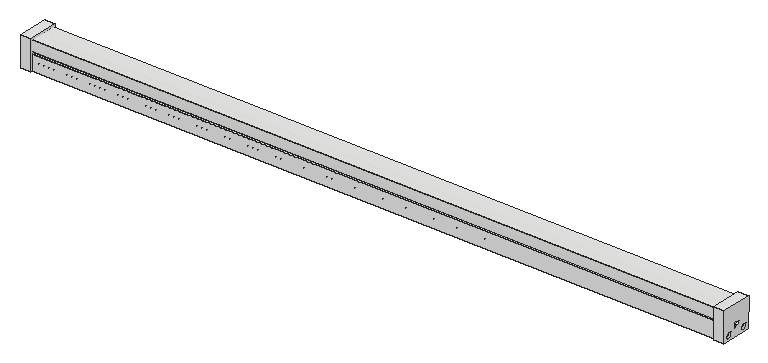
Revit family "S2222 updated 4", category Lighting Fixtures, host Face, Revit 2020
Family settings
  Host = Face
  Round Connector Dimension = Use Diameter
  Part Type = Normal
  Cut with Voids When Loaded = No
  Light Source = No
  Shared = Yes
  Room Calculation Point = No
Parameters (values of type "209 lm per FT 3.0W per FT - D2")
  Wattage Comments = "3.0W/FT"
  Warranty URL = "https://bllighting.com/terms-and-conditions/"
  Voltage = 24 V
  Version = "2020-v2.9"  # constant formula
  URL = "https://bllighting.com/"
  Support Phone = ""
  Support Email = ""
  Rdwn [instance] = rounddown(L1 / Increment)  # 10
  Profile Material = Alumnium Base Track
  Product Page URL = "https://bllighting.com/products/profile/s2222"
  Product Name = Model  # "D2"
  Product Documentation Link = "https://bllighting.com/wp-content/uploads/S2222-Specification.pdf"
  Power Source Type = "Driver"  # constant formula
  Power Factor = 1
  Phase = 1
  Operating Temperature = "Consult Manufacturer Website for more Information"  # constant formula
  Number of Poles = if(and(or(Voltage = 120 V, Voltage = 277 V), Phase = 1), 1, if(and(or(Voltage = 208 V, Voltage = 240 V), Phase = 1), 2, if(and(or(Voltage = 208 V, Voltage = 240 V), Phase = 3), 3, if(and(Voltage > 300 V, Phase = 1), 2, if(and(Voltage > 400 V, Phase = 3), 3, 1)))))  # 1
  Number of LED's = "36 Diodes/FT"
  No Of Source [instance] = rounddown(Actual Light Length / Increment)  # 10
  Mounting Method = "Surface Mount"  # constant formula
  Model = "D2"
  Max Input Current = "5A"
  Manufacturer Phone Number = "1-604-874-4405"  # constant formula
  Manufacturer Email = "info@bllighting.com"
  Manufacturer Address = "111 - 8838 Heatner St. Vancouver. BC, Canada. V6P 3S8"  # constant formula
  Manufacturer = "BL Lighting"  # constant formula
  Lumen Output = "209 lm/FT"
  Load Classification = Lighting
  Light Length [instance] = 19.6850"
  Lens Material = Polycarbonate Optic
  Lead 2 End Cap [instance] = 1 = 1  # yes
  Lead 1 End Cap [instance] = 1 = 1  # yes
  Lamp Life = "50,000 Hours"
  Lamp = "LED,SMD 3528"
  LED tape Documentation Link = "https://bllighting.com/wp-content/uploads/D2-Specification.pdf"
  LED strip = Strip
  LED finish = LED
  LED Tape Page URL = "https://bllighting.com/products/led-tape/d2"
  L1 [instance] = if(Light Length < Increment, Increment, Light Length)  # 19.6850"
  Input Voltage = "24VDC"
  Initial Intensity Comments = "Refer LED Strip type for Lumen Value"  # constant formula
  Initial Color Comments = "Perfomance based on 3000K Photometric Web File"
  Increment = 1.9685"
  Housing Protection Rating = "Consult Manufacturer Website for more Information"  # constant formula
  Has Dimming = 1 = 1  # yes
  Has Battery Backup = 0 = 1  # no
  Frequency Comments = ""
  Frequency = 60 Hz
  Environment = "Indoor"  # constant formula
  Description = "Flexible, Linear LED Lighting"  # constant formula
  Default Elevation = 48.0000"
  DFD3 Watt [instance] = (4.4 W * Actual Light Length) / 12.0000"  # 7.21783 W
  DFD3 Lumens [instance] = 98 lm/W * DFD3 Watt  # 707.348 lm
  DFD3 = no
  D8 Watt [instance] = (8 W * Actual Light Length) / 12.0000"  # 13.1233 W
  D8 Lumens [instance] = 96 lm/W * D8 Watt  # 1259.84 lm
  D8 = no
  D3 Watt [instance] = (5.5 W * Actual Light Length) / 12.0000"  # 9.02229 W
  D3 Lumens [instance] = 67 lm/W * D3 Watt  # 604.494 lm
  D3 = no
  D2 Watt [instance] = (3 W * Actual Light Length) / 12.0000"  # 4.92125 W
  D2 Lumens [instance] = 70 lm/W * D2 Watt  # 344.488 lm
  D2 = yes
  Current Amps = 50 A
  Copyright = "©BL INNOVATIVE LIGHTING"  # constant formula
  Color Option Available = "2400K,2700K,3000K,3500K,4000K,5500K,RED,GREEN,BLUE,AMBER"
  built-in parameter 1114216 [instance] = 0  # (empty or 0)
  built-in parameter 1140040 [instance] = 1 = 1  # 1
  CCT = "2400K,2700K,3000K,3500K,4000K,5500K,RED,GREEN,BLUE,AMBER"
  Apparent Load = 120 VA
  Actual No Of Source [instance] = if(No Of Source < 2, 2, No Of Source)  # 10
  Actual Light Length [instance] = Rdwn * Increment  # 19.6850"
Reference planes (in)
  plane 1 "Center (Front/Back)": y = 0
  plane 2: z = 0
  plane 3 "Center (Left/Right)": x = 0
  plane 4: x = 19.685
  plane 5: x = 1.9685
  plane 6: y = 0.335
  plane 7: y = -0.335
  plane 8: x = 9.8425
  plane 9: x = 22.6499
  plane 10: x = -2.9649
  plane 11: z = 0.07812
  plane 12: z = 0.88005
  plane 13: x = 8.8625
  plane 14: x = 10.8225
  plane 15: z = 0.30393
Forms (in)
  Sweep 1, solid, material "Alumnium Base Track" <- "Profile Material"
    path origin (0, -18.35094, 0.40687) x (1, 0, 0) y (0, 1, 0)
      loop
        line (0, 18.35094) -> (19.685, 18.35094)
    profile origin (9.8425, 0, 0.40687) x (0, 1, 0) y (0, 0, 1)
      loop
        line (0.335, 0.06805) -> (0.335, -0.10294) -> (0, -0.10294) -> (-0.335, -0.10294) -> (-0.335, 0.06805) -> (-0.36346, 0.09651) -> (-0.335, 0.12496) -> (-0.38666, 0.12496) -> (-0.38666, -0.32874) -> (-0.335, -0.32874) -> (-0.29261, -0.23783)
        arc (-0.29261, -0.23783) -> (-0.27933, -0.17793) -> (-0.26605, -0.23783) r 0.03142
        line (-0.26605, -0.23783) -> (-0.22366, -0.32874) -> (-0.1316, -0.32874) -> (-0.1316, -0.27201) -> (-0.19528, -0.27201) -> (-0.19528, -0.15554) -> (0, -0.15554) -> (0.19528, -0.15554) -> (0.19528, -0.27201) -> (0.1316, -0.27201) -> (0.1316, -0.32874) -> (0.22366, -0.32874) -> (0.26605, -0.23783)
        arc (0.26605, -0.23783) -> (0.27933, -0.17793) -> (0.29261, -0.23783) r 0.03142
        line (0.29261, -0.23783) -> (0.335, -0.32874) -> (0.38666, -0.32874) -> (0.38666, 0.12496) -> (0.335, 0.12496) -> (0.36346, 0.09651) -> (0.335, 0.06805)
  Sweep 2, solid, material "Polycarbonate Optic" <- "Lens Material"
    path origin (0, -18.35094, 0.80588) x (1, 0, 0) y (0, 1, 0)
      loop
        line (0, 18.35094) -> (19.685, 18.35094)
    profile origin (9.8425, 0, 0.80588) x (0, 1, 0) y (0, 0, 1)
      loop
        line (0, 0.07417) -> (-0.38939, 0.07417) -> (-0.38939, -0.23752) -> (-0.335, -0.27405) -> (-0.36346, -0.30251) -> (-0.335, -0.33097) -> (-0.30385, -0.33097) -> (-0.30385, -0.24882) -> (-0.335, -0.22789) -> (-0.335, 0.02211) -> (0, 0.02211) -> (0.335, 0.02211) -> (0.335, -0.22789) -> (0.30385, -0.24882) -> (0.30385, -0.33097) -> (0.335, -0.33097) -> (0.36346, -0.30251) -> (0.335, -0.27405) -> (0.38939, -0.23752) -> (0.38939, 0.07417) -> (0, 0.07417)
  Extrusion 3, solid, material "Alumnium Base Track" <- "Profile Material"
    sketch origin (0, 0, 0) x (0, 1, 0) y (0, 0, 1)
      loop
        line (0.23015, 0.03474) -> (0.00486, 0.03474) -> (-0.23015, 0.03474) -> (-0.26209, 0.10325) -> (-0.26209, 0.15714) -> (-0.29418, 0.15714) -> (-0.29418, 0.10325) -> (-0.24604, 0) -> (0.01058, 0) -> (0.24604, 0) -> (0.29418, 0.10325) -> (0.29418, 0.15714) -> (0.26209, 0.15714) -> (0.26209, 0.10325) -> (0.23015, 0.03474)
    from 8.8625 to 10.8225
  Extrusion 4, void
    sketch origin (0, 0, 0) x (1, 0, 0) y (0, 1, 0)
      loop
        circle (9.8425, -0.00312) r 0.10392
    from 0 to 0.07812
Cuts and joins
  Extrusion 4 cuts Sweep 1
  Extrusion 4 cuts Sweep 2
  Extrusion 4 cuts Extrusion 3
Dimensions and locks (in)
  "Actual Light Length": plane 3 "Center (Left/Right)" to plane 4
  "Increment": plane 3 "Center (Left/Right)" to plane 5
  equal spacing: plane 6, plane 1 "Center (Front/Back)", plane 7
  plane 6 to plane 7 = 0.6700"
  equal spacing: plane 10, plane 8, plane 9
  locked: plane 11 to plane 2 at 0.07812
  locked: plane 12 to plane 11 at 0.80193
  locked: Extrusion 3 sketch curve to Extrusion 3 sketch curve at 0.03474
  locked: Extrusion 3 sketch curve to Extrusion 3 sketch curve at 0.15714  (x2)
  locked: Extrusion 3 sketch curve to Extrusion 3 sketch curve at 0.58836
  locked: plane 13 to plane 8 at 0.98
  locked: plane 8 to plane 14 at 0.98
  equal spacing: plane 3 "Center (Left/Right)", plane 8, plane 4
  aligned and locked: host face to plane 2
  aligned and locked: host face to level
  aligned and locked: plane 11 to nested 1
  aligned and locked: nested 2 to plane 4
  aligned and locked: plane 3 "Center (Left/Right)" to Sweep 1 sketch curve
  aligned and locked: plane 4 to Sweep 1 sketch curve
  aligned and locked: plane 4 to Sweep 2 sketch curve
  aligned and locked: plane 3 "Center (Left/Right)" to Sweep 2 sketch curve
  aligned and locked: Extrusion 3 sketch curve to plane 2
  aligned and locked: Extrusion 3 to plane 13
  aligned and locked: Extrusion 3 to plane 14
  aligned and locked: plane 3 "Center (Left/Right)" to nested 1
  aligned and locked: plane 3 "Center (Left/Right)" to nested 4
  aligned and locked: nested 4 to plane 1 "Center (Front/Back)"
  aligned and locked: nested 4 to plane 15
  aligned and locked: plane 3 "Center (Left/Right)" to nested 5
  aligned and locked: nested 5 to plane 1 "Center (Front/Back)"
  aligned and locked: plane 3 "Center (Left/Right)" to nested 6
  aligned and locked: nested 6 to plane 1 "Center (Front/Back)"
  aligned and locked: plane 15 to nested 6
  aligned and locked: plane 15 to nested 5
  aligned and locked: plane 1 "Center (Front/Back)" to nested 3
  aligned and locked: plane 1 "Center (Front/Back)" to nested 7
  aligned and locked: plane 1 "Center (Front/Back)" to nested 8
  aligned and locked: nested 9 to plane 3 "Center (Left/Right)"
  aligned and locked: nested 9 to plane 1 "Center (Front/Back)"
  aligned and locked: nested 9 to plane 15
  aligned and locked: plane 1 "Center (Front/Back)" to nested 10
Automatic sketch dimensions
  host sketch curve to host sketch curve = 138.68247"
  host sketch curve to host sketch curve = 96.0000"
  plane 1 "Center (Front/Back)" to Sweep 1 sketch curve = 0.0000"
  Sweep 1 sketch curve to profile plane = 0.0000"  (x2)
  profile plane to Sweep 1 sketch curve = 0.1316"
  Sweep 1 sketch curve to Sweep 1 sketch curve = 0.06367"  (x2)
  Sweep 1 sketch curve to Sweep 1 sketch curve = 0.02838"  (x2)
  Sweep 1 sketch curve to Sweep 1 sketch curve = 0.07077"  (x2)
  Sweep 1 sketch curve to Sweep 1 sketch curve = 0.01328"  (x2)
  Sweep 1 sketch curve to Sweep 1 sketch curve = 0.02656"  (x2)
  Sweep 1 sketch curve to Sweep 1 sketch curve = 0.05567"  (x2)
  Sweep 1 sketch curve to Sweep 1 sketch curve = 0.04239"  (x2)
  Sweep 1 sketch curve to Sweep 1 sketch curve = 0.0000"  (x2)
  profile plane to Sweep 1 sketch curve = 0.09651"  (x2)
  Sweep 1 sketch curve to Sweep 1 sketch curve = 0.02846"  (x3)
  Sweep 1 sketch curve to Sweep 1 sketch curve = 0.05166"
  Sweep 1 sketch curve to profile plane = 0.1316"
  profile plane to Sweep 1 sketch curve = 0.12496"
  Sweep 1 sketch curve to Sweep 1 sketch curve = 0.0232"
  Sweep 1 sketch curve to profile plane = 0.10294"
  Sweep 1 sketch curve to Sweep 1 sketch curve = 0.0526"
  Sweep 1 sketch curve to Sweep 1 sketch curve = 0.05381"  (x2)
  Sweep 1 sketch curve to Sweep 1 sketch curve = 0.02848"  (x2)
  Sweep 1 sketch curve to Sweep 1 sketch curve = 0.03418"  (x2)
  Sweep 1 sketch curve to Sweep 1 sketch curve = 0.09091"  (x2)
  Sweep 1 sketch curve to Sweep 1 sketch curve = 0.05673"  (x2)
  plane 1 "Center (Front/Back)" to Sweep 2 sketch curve = 0.0000"
  Sweep 2 sketch curve to profile plane = 0.0000"  (x2)
  profile plane to Sweep 2 sketch curve = 0.30385"
  Sweep 2 sketch curve to Sweep 2 sketch curve = 0.03115"  (x6)
  Sweep 2 sketch curve to Sweep 2 sketch curve = 0.02846"  (x4)
  Sweep 2 sketch curve to Sweep 2 sketch curve = 0.05439"  (x2)
  Sweep 2 sketch curve to profile plane = 0.30385"
  Sweep 2 sketch curve to profile plane = 0.33097"  (x2)
  Sweep 2 sketch curve to Sweep 2 sketch curve = 0.02524"  (x2)
  Sweep 2 sketch curve to Sweep 2 sketch curve = 0.03654"  (x2)
  Sweep 2 sketch curve to Sweep 2 sketch curve = 0.02092"  (x2)
  profile plane to Sweep 2 sketch curve = 0.02211"
  Sweep 2 sketch curve to Sweep 2 sketch curve = 0.05206"
  Extrusion 3 sketch curve to plane 1 "Center (Front/Back)" = 0.01058"
  Extrusion 3 sketch curve to plane 1 "Center (Front/Back)" = 0.00486"
  Extrusion 3 sketch curve to plane 7 = 0.10485"
  Extrusion 3 sketch curve to Extrusion 3 sketch curve = 0.01589"  (x2)
  Extrusion 3 sketch curve to plane 11 = 0.02512"  (x4)
  Extrusion 3 sketch curve to Extrusion 3 sketch curve = 0.03209"  (x2)
  plane 6 to Extrusion 3 sketch curve = 0.10485"
  plane 6 to Extrusion 3 sketch curve = 0.07291"
  Extrusion 4 sketch curve to plane 8 = 0.0000"
  plane 1 "Center (Front/Back)" to Extrusion 4 sketch curve = 0.00312"
  radius of Extrusion 4 sketch curve = 0.10392"
Nested families (in)
  nested 1: "LEFT END CAP" at (-0.3, 0, 0.07812), Profile Material <- "Profile Material", visible <- "Lead 1 End Cap", type "LEFT END CAP"
    with Profile Material Alumnium Base Track
  nested 2: "RIGHT  END CAP" at (19.985, 0, 0.07812), Profile Material <- "Profile Material", visible <- "Lead 2 End Cap", type "RIGHT  END CAP"
    with Profile Material Alumnium Base Track
  nested 3: "D2 3000K LED Tape" at (1.0302, 0, -53.23438), visible <- "D2", Length <- "Actual Light Length", No of Source <- "No Of Source", Source Size <- "Increment", type "D2 3000K LED Tape"
    with Source Size 1.9685", No of Source 10, Length 19.6850", D2 3000k_1 no, D2 3000K yes, Actual No Of Source 10
  nested 4: "D2_3000K" at (0, -18.35094, 0.36393), visible <- "D2", Light Length <- "Light Length", type "D2"
    with Watt 4.92125 W, Rdwn 10, No of Source 10, Lumens 344.488 lm, Light source Placement 9.8425", Light Length 19.6850", L1 19.6850", Cutting Increment 1.9685", BL flexFORM D2_1 no, BL flexFORM D2 yes, Actual No of Source 10, Actual Light Length 19.6850"
  nested 5: "D3_3000K" at (0, -18.35094, 0.36393), visible <- "D3", Light Length <- "Light Length", type "D3"
    with Watt 7.95763 W, Rdwn 7, No of Source 7, Lumens 533.161 lm, Light source Placement 8.68105", Light Length 19.6850", L1 19.6850", Cutting Increment 2.4803", BL flexFORM D3_1 no, BL flexFORM D3 yes, Actual No Of Source 7, Actual Light Length 17.3621"
  nested 6: "D4_3500K" at (0, -18.35094, 0.35393), visible <- "D8", Light Length <- "Light Length", type "D4"
    with Watt 12.8609 W, Rdwn 7, No of Source 7, Lumens 1234.64 lm, Light source Placement 9.64565", Light Length 19.6850", L1 19.6850", Cutting Increment 2.7559", BL flexFORM D4_1 no, BL flexFORM D4 yes, Actual No Of Source 7, Actual Light Length 19.2913"
  nested 7: "D3 3000K LED Tape" at (0.83698, 0, -53.23438), visible <- "D3", Length <- "Actual Light Length", No of Source <- "No Of Source", Source Size <- "Increment", type "D3 3000K LED Tape"
    with Source Size 1.9685", No of Source 10, Length 19.6850", D3 3000K_1 no, D3 3000K yes, Actual No Of Source 10
  nested 8: "D4 3500K LED Tape" at (0.96875, 0, -53.54688), visible <- "D8", Length <- "Actual Light Length", No of Source <- "No Of Source", Source Size <- "Increment", type "D4 3500K LED Tape"
    with Source Size 1.9685", No of Source 10, Length 19.6850", D4_1 no, D4 yes, Actual No Of Source 10
  nested 9: "DFD3_3000K" at (0, -18.35094, 0.30393), visible <- "DFD3", Light Length <- "Light Length", type "Dot Free D3"
    with Watt 7.21783 W, Rdwn 10, No of Source 10, Lumens 707.348 lm, Light source Placement 9.8425", Light Length 19.6850", L1 19.6850", Cutting Increment 1.9685", BL flexFORM Dot-Free D3_1 no, BL flexFORM Dot-Free D3 yes, Actual No Of Source 10, Actual Light Length 19.6850"
  nested 10: "Dot Free D3 3000K LED Tape" at (1.14, 0, 0.06755), Source Size <- "Increment", No of Source <- "No Of Source", Length <- "Actual Light Length", visible <- "DFD3", type "Dot Free D3 3000K LED Tape"
    with Source Size 1.9685", No of Source 10, Length 19.6850", DFD3_1 no, DFD3 yes, Actual No Of Source 10
Connectors (in)
  electrical at (9.8425, 0.07996, 0.03474), driven by "Load Classification", driven by "Voltage", driven by "Apparent Load", driven by "Number of Poles", driven by "Power Factor"
    settings: on cut or joined group of Extrusion 3, Extrusion 4, index 1, voltage 24 V, apparent load 120 VA, apparent load phase1 0 VA, apparent load phase2 0 VA, apparent load phase3 0 VA, power factor 1, load classification "Lighting", number of poles 1, system type 30, power factor state 1, is connector primary yes, connector utility no, sub classification motor no, connector description ""
Definition of nested family "LEFT END CAP"
  Parameters (values of type "LEFT END CAP")
    Profile Material [instance] = none
    Default Elevation = 0.0000"
  Reference planes (in)
    plane 1 "Center (Front/Back)": y = 0
    plane 2: z = 0
    plane 3 "Center (Left/Right)": x = 0
    plane 4: z = 0.85039
    plane 5: y = 0.4375
    plane 6: y = -0.4375
    plane 7: x = 0.3
  Forms (in)
    Extrusion 1, solid, material <- "Profile Material"
      sketch origin (0, 0, 0) x (0, 1, 0) y (0, 0, 1)
        loop
          line (0.4375, 0.85039) -> (-0.4375, 0.85039) -> (-0.4375, 0) -> (0.4375, 0) -> (0.4375, 0.85039)
        loop
          circle (0.26741, 0.13612) r 0.04957
        loop
          circle (-0.26741, 0.13612) r 0.04957
      from 0 to 0.3
    Extrusion 2, void
      sketch origin (0, 0, 0) x (0, 1, 0) y (0, 0, 1)
        loop
          line (0, 0.79817) -> (-0.37603, 0.79817) -> (-0.37603, 0) -> (0, 0) -> (0.37603, 0) -> (0.37603, 0.79817) -> (0, 0.79817)
      from 0.05297 to 0.3
    Extrusion 3, void
      sketch origin (0, 0, 0) x (0, 1, 0) y (0, 0, 1)
        loop
          circle (-0.26741, 0.13612) r 0.09127
      from 0 to 0.03024
    Extrusion 4, void
      sketch origin (0, 0, 0) x (0, -1, 0) y (0, 0, -1)
        loop
          circle (-0.26741, -0.13612) r 0.09127
      from 0 to 0.03024
  Cuts and joins
    Extrusion 2, Extrusion 3, Extrusion 4 cuts Extrusion 1
  Dimensions and locks (in)
    equal spacing: plane 5, plane 1 "Center (Front/Back)", plane 6
    plane 5 to plane 6 = 0.8750"
    plane 4 to plane 2 = 0.85039"
    plane 7 to plane 3 "Center (Left/Right)" = 0.3000"
    locked: Extrusion 1 to Extrusion 2 sketch curve at 0.05222
    locked: Extrusion 1 to Extrusion 2 sketch curve at 0.06147
    locked: Extrusion 2 sketch curve to Extrusion 1 at 0.06147
    locked: Extrusion 2 to plane 3 "Center (Left/Right)" at 0.05297
    locked: cut or joined group of Extrusion 1, Extrusion 2, Extrusion 3, Extrusion 4 to cut or joined group of Extrusion 1, Extrusion 2, Extrusion 3, Extrusion 4 at 0.03024
    aligned and locked: plane 2 to level
    aligned and locked: plane 4 to Extrusion 1 sketch curve
    aligned and locked: Extrusion 1 sketch curve to plane 5
    aligned and locked: Extrusion 1 sketch curve to level
    aligned and locked: Extrusion 1 sketch curve to plane 6
    aligned and locked: Extrusion 1 to plane 3 "Center (Left/Right)"
    aligned and locked: plane 7 to Extrusion 1
    aligned and locked: plane 2 to Extrusion 2 sketch curve
    aligned and locked: Extrusion 2 sketch curve to level
    aligned and locked: Extrusion 2 to Extrusion 1
  Automatic sketch dimensions
    plane 6 to Extrusion 1 sketch curve = 0.17009"
    plane 5 to Extrusion 1 sketch curve = 0.17009"
    level to Extrusion 1 sketch curve = 0.13612"  (x2)
    Extrusion 2 sketch curve to plane 1 "Center (Front/Back)" = 0.0000"  (x2)
    plane 6 to Extrusion 3 sketch curve = 0.17009"
    level to Extrusion 3 sketch curve = 0.13612"
    Extrusion 4 sketch curve to plane 5 = 0.17009"
    Extrusion 4 sketch curve to level = 0.13612"
    radius of Extrusion 1 sketch curve = 0.04957"  (x2)
    radius of Extrusion 3 sketch curve = 0.09127"
    radius of Extrusion 4 sketch curve = 0.09127"
Definition of nested family "RIGHT  END CAP"
  Parameters (values of type "RIGHT  END CAP")
    Profile Material [instance] = none
    Default Elevation = 0.0000"
  Reference planes (in)
    plane 1 "Center (Front/Back)": y = 0
    plane 2: z = 0
    plane 3 "Center (Left/Right)": x = 0
    plane 4: z = 0.85039
    plane 5: y = 0.4375
    plane 6: y = -0.4375
    plane 7: x = 0.3
    plane 8: x = -0.3
  Forms (in)
    Extrusion 1, solid, material <- "Profile Material"
      sketch origin (0, 0, 0) x (0, 1, 0) y (0, 0, -1)
        loop
          line (0.4375, -0.85039) -> (0.4375, 0) -> (-0.4375, 0) -> (-0.4375, -0.85039) -> (0.4375, -0.85039)
        loop
          circle (0.26741, -0.13612) r 0.04957
        loop
          circle (-0.26741, -0.13612) r 0.04957
      from 0 to 0.3
    Extrusion 2, void
      sketch origin (0, 0, 0) x (0, 1, 0) y (0, 0, -1)
        loop
          circle (-0.26741, -0.13612) r 0.09127
      from 0 to 0.03024
    Extrusion 3, void
      sketch origin (0, 0, 0) x (0, -1, 0) y (0, 0, 1)
        loop
          circle (-0.26741, 0.13612) r 0.09127
      from 0 to 0.03024
    Extrusion 4, void
      sketch origin (0, 0, 0) x (0, 1, 0) y (0, 0, -1)
        loop
          line (0, -0.79817) -> (0.37603, -0.79817) -> (0.37603, 0) -> (0, 0) -> (-0.37603, 0) -> (-0.37603, -0.79817) -> (0, -0.79817)
      from 0.05297 to 0.3
    Extrusion 5, void
      sketch origin (0, 0, 0) x (0, 1, 0) y (0, 0, 1)
        loop
          line (0, 0.39198) -> (-0.04075, 0.39198)
          arc (-0.04075, 0.39198) -> (-0.09498, 0.31972) -> (-0.04075, 0.24746) r 0.07526
          line (-0.04075, 0.24746) -> (0, 0.24746) -> (0.04075, 0.24746)
          arc (0.04075, 0.24746) -> (0.09498, 0.31972) -> (0.04075, 0.39198) r 0.07526
          line (0.04075, 0.39198) -> (0, 0.39198)
      from -0.05297 to 0
  Cuts and joins
    Extrusion 2, Extrusion 3, Extrusion 4, Extrusion 5 cuts Extrusion 1
  Dimensions and locks (in)
    equal spacing: plane 5, plane 1 "Center (Front/Back)", plane 6
    plane 5 to plane 6 = 0.8750"
    plane 4 to plane 2 = 0.85039"
    plane 7 to plane 3 "Center (Left/Right)" = 0.3000"
    level to Extrusion 5 = 0.24746"
    aligned and locked: plane 2 to level
    aligned and locked: Extrusion 5 to Extrusion 4
    aligned and locked: plane 3 "Center (Left/Right)" to Extrusion 5
    aligned and locked: plane 8 to Extrusion 1
    aligned and locked: Extrusion 1 to Extrusion 4
  Automatic sketch dimensions
    Extrusion 1 sketch curve to plane 4 = 0.0000"
    Extrusion 1 sketch curve to plane 6 = 0.0000"
    Extrusion 1 sketch curve to level = 0.0000"
    Extrusion 1 sketch curve to plane 5 = 0.0000"
    plane 6 to Extrusion 1 sketch curve = 0.17009"
    plane 5 to Extrusion 1 sketch curve = 0.17009"
    level to Extrusion 1 sketch curve = 0.13612"  (x2)
    plane 6 to Extrusion 2 sketch curve = 0.17009"
    level to Extrusion 2 sketch curve = 0.13612"
    plane 5 to Extrusion 3 sketch curve = 0.17009"
    level to Extrusion 3 sketch curve = 0.13612"
    Extrusion 4 sketch curve to level = 0.0000"
    Extrusion 4 sketch curve to plane 1 "Center (Front/Back)" = 0.0000"  (x2)
    plane 6 to Extrusion 4 sketch curve = 0.06147"
    plane 5 to Extrusion 4 sketch curve = 0.06147"
    Extrusion 4 sketch curve to plane 4 = 0.05222"
    Extrusion 5 sketch curve to plane 1 "Center (Front/Back)" = 0.0000"  (x2)
    plane 1 "Center (Front/Back)" to Extrusion 5 sketch curve = 0.01973"
    Extrusion 5 sketch curve to Extrusion 5 sketch curve = 0.04075"  (x4)
    Extrusion 5 sketch curve to plane 1 "Center (Front/Back)" = 0.01973"
    level to Extrusion 5 sketch curve = 0.24746"
    Extrusion 5 sketch curve to Extrusion 5 sketch curve = 0.07226"
    radius of Extrusion 1 sketch curve = 0.04957"  (x2)
    radius of Extrusion 2 sketch curve = 0.09127"
    radius of Extrusion 3 sketch curve = 0.09127"
Definition of nested family "D2_3000K"
  Parameters (values of type "D2")
    Wattage Comments = "3.0 W/FT"
    Warranty URL = ""
    Voltage Comments = ""
    Version = "2020-v2.9"  # constant formula
    URL = ""
    Strip = none
    Product Page URL = ""
    Product Name = "D2"  # constant formula
    Product Documentation Link = ""
    No of Source [instance] = rounddown(Actual Light Length / Cutting Increment)  # 1
    Model = ""
    Manufacturer Phone Number = "1-604-874-4405"  # constant formula
    Manufacturer Email = ""
    Manufacturer Address = "111 - 8838 Heatner St. Vancouver. BC, Canada. V6P 3S8"  # constant formula
    Manufacturer = "BL Lighting"  # constant formula
    Lumen Output = "209 lm/FT"
    Lens Material = none
    Lamp Life = "50,000 Hours"
    LED = none
    Instruction Sheet Link = ""
    Finish = none
    Description = "Flexible,Linear LED Strip Lighting"  # constant formula
    D = 0.0600"
    Copyright = "©BL INNOVATIVE LIGHTING"  # constant formula
    BL flexFORM D2_1 [instance] = not(BL flexFORM D2)  # yes
    BL flexFORM D2 [instance] = if(No of Source < 2, 1 = 0, 1 = 1)  # no
    Actual No of Source [instance] = if(No of Source < 2, 2, No of Source)  # 2
    Actual Light Length [instance] = Rdwn * Cutting Increment  # 1.9685"
    Watt [instance] = (3 W * Actual Light Length) / 12.0000"  # 0.492125 W
    Lamp = "LED,SMD 3528"
    Cutting Increment [instance] = 1.9685"  # constant formula
    Rdwn [instance] = rounddown(L1 / Cutting Increment)  # 1
    Lumens [instance] = 70 lm/W * Watt  # 34.4487 lm
    Light source Placement [instance] = Actual Light Length / 2  # 0.98425"
    Light Length [instance] = 1.0000"
    L1 [instance] = if(Light Length < Cutting Increment, Cutting Increment, Light Length)  # 1.9685"
    Default Elevation = 0.0000"
    A = 0.3100"
  Reference planes (in)
    plane 1 "Center (Front/Back)": y = 0
    plane 2: z = 0
    plane 3 "Center (Left/Right)": x = 0
    plane 4: x = 1.9685
    plane 5: y = 18.35094
    plane 6: x = 0.98425
    plane 7: z = -0.33465
    plane 8: y = 18.50594
    plane 9: y = 18.19594
    plane 10: x = 1.9685
    plane 11: z = -0.06
  Dimensions and locks (in)
    "Actual Light Length": plane 4 to plane 3 "Center (Left/Right)"
    "Actual Light Length": plane 3 "Center (Left/Right)" to plane 4
    plane 6 to plane 4 = 0.98425"
    "Light source Placement": plane 6 to plane 4
    locked: plane 1 "Center (Front/Back)" to plane 5 at 18.35094
    locked: level to plane 7 at 0.33465
    "A": plane 8 to plane 9
    equal spacing: plane 8, plane 5, plane 9
    "Cutting Increment": plane 3 "Center (Left/Right)" to plane 10
    "D": level to plane 11
    group 1 to group 2 = 1.9685"
    group 1 to group 2 = 0.0000"  (x2)
    aligned and locked: level to plane 2
    aligned and locked: nested 1 to plane 5
    aligned and locked: plane 3 "Center (Left/Right)" to nested 1
    aligned and locked: plane 10 to nested 2
    aligned and locked: nested 2 to plane 11
    aligned and locked: nested 3 to plane 5
    aligned and locked: nested 3 to plane 3 "Center (Left/Right)"
    aligned and locked: nested 3 to plane 11
  Nested families (in)
    nested 1: "Increment strip" at (0, 18.35094, 0), Increment <- "Cutting Increment", LED <- "LED", Strip <- "Strip", Width <- "A", Height <- "D", visible <- "BL flexFORM D2", BL flexFORM D2 <- "BL flexFORM D2", type "Increment strip"
      with Width 0.3100", Strip none, LED none, Increment 1.9685", Height 0.0600", BL flexFORM D2 no
    nested 2: "Increment strip" at (1.9685, 18.35094, 0), Increment <- "Cutting Increment", LED <- "LED", Strip <- "Strip", Width <- "A", Height <- "D", visible <- "BL flexFORM D2", BL flexFORM D2 <- "BL flexFORM D2", type "Increment strip"
      with Width 0.3100", Strip none, LED none, Increment 1.9685", Height 0.0600", BL flexFORM D2 no
    nested 3: "Increment strip" at (0, 18.35094, 0), Height <- "D", Increment <- "Cutting Increment", Width <- "A", LED <- "LED", Strip <- "Strip", visible <- "BL flexFORM D2_1", BL flexFORM D2 <- "BL flexFORM D2_1", type "Increment strip"
      with Width 0.3100", Strip none, LED none, Increment 1.9685", Height 0.0600", BL flexFORM D2 yes
  Definition of nested family "Increment strip"
    Parameters (values of type "Increment strip")
      Width [instance] = 0.30859"
      Strip [instance] = none
      LED [instance] = none
      Increment [instance] = 1.96094"
      Height [instance] = 0.05859"
      Default Elevation = 0.0000"
      BL flexFORM D2 [instance] = yes
    Reference planes (in)
      plane 1 "Center (Front/Back)": y = 0
      plane 2: z = 0
      plane 3 "Center (Left/Right)": x = 0
      plane 4: x = 1.96094
      plane 5: y = -0.1543
      plane 6: y = 0.1543
      plane 7: z = -0.05859
      plane 8: x = 0.15625
      plane 9: x = 1.78125
      plane 10: y = 0.29944
    Forms (in)
      Sweep 1, solid, material <- "Strip", visible <- "BL flexFORM D2"
        path origin (0, 0, 0) x (1, 0, 0) y (0, 1, 0)
          loop
            line (1.96094, 0) -> (0, 0)
        profile origin (0.98047, 0, 0) x (0, -1, 0) y (0, 0, 1)
          loop
            line (-0.1543, -0.02648) -> (-0.1543, -0.05859) -> (0.1543, -0.05859) -> (0.1543, -0.02648) -> (-0.1543, -0.02648)
      Extrusion 2, solid, material <- "LED", visible <- "BL flexFORM D2"
        sketch origin (0.33071, 0, 0.03211) x (1, 0, 0) y (0, 1, 0)
          loop
            line (0.11688, 0.03937) -> (0.11688, -0.03937) -> (0.19562, -0.03937) -> (0.19562, 0.03937) -> (0.11688, 0.03937)
        from -0.05859 to -0.03211
      Extrusion 3, solid, material <- "LED", visible <- "BL flexFORM D2"
        sketch origin (0, 0, 0.03211) x (1, 0, 0) y (0, 1, 0)
          loop
            line (0.11688, 0.03937) -> (0.11688, -0.03937) -> (0.19562, -0.03937) -> (0.19562, 0.03937) -> (0.11688, 0.03937)
        from -0.05859 to -0.03211
      Extrusion 4, solid, material <- "LED", visible <- "BL flexFORM D2"
        sketch origin (0.66142, 0, 0.03211) x (1, 0, 0) y (0, 1, 0)
          loop
            line (0.11688, 0.03937) -> (0.11688, -0.03937) -> (0.19562, -0.03937) -> (0.19562, 0.03937) -> (0.11688, 0.03937)
        from -0.05859 to -0.03211
      Extrusion 5, solid, material <- "LED", visible <- "BL flexFORM D2"
        sketch origin (0.96358, 0, 0.03211) x (1, 0, 0) y (0, 1, 0)
          loop
            line (0.11688, 0.03937) -> (0.11688, -0.03937) -> (0.19562, -0.03937) -> (0.19562, 0.03937) -> (0.11688, 0.03937)
        from -0.05859 to -0.03211
      Extrusion 6, solid, material <- "LED", visible <- "BL flexFORM D2"
        sketch origin (1.29429, 0, 0.03211) x (1, 0, 0) y (0, 1, 0)
          loop
            line (0.11688, 0.03937) -> (0.11688, -0.03937) -> (0.19562, -0.03937) -> (0.19562, 0.03937) -> (0.11688, 0.03937)
        from -0.05859 to -0.03211
      Extrusion 7, solid, material <- "LED", visible <- "BL flexFORM D2"
        sketch origin (1.625, 0, 0.03211) x (1, 0, 0) y (0, 1, 0)
          loop
            line (0.11688, 0.03937) -> (0.11688, -0.03937) -> (0.19562, -0.03937) -> (0.19562, 0.03937) -> (0.11688, 0.03937)
        from -0.05859 to -0.03211
    Dimensions and locks (in)
      "Increment": plane 3 "Center (Left/Right)" to plane 4
      equal spacing: plane 5, plane 1 "Center (Front/Back)", plane 6
      "Width": plane 5 to plane 6
      "Height": level to plane 7
      locked: Extrusion 2 sketch curve to Extrusion 2 sketch curve at 0.07874  (x2)
      locked: Extrusion 3 sketch curve to Extrusion 3 sketch curve at 0.07874  (x2)
      locked: Extrusion 4 sketch curve to Extrusion 4 sketch curve at 0.07874  (x2)
      locked: Extrusion 5 sketch curve to Extrusion 5 sketch curve at 0.07874  (x2)
      locked: Extrusion 6 sketch curve to Extrusion 6 sketch curve at 0.07874  (x2)
      locked: Extrusion 7 sketch curve to Extrusion 7 sketch curve at 0.07874  (x2)
      aligned and locked: plane 2 to level
      aligned and locked: Sweep 1 sketch curve to plane 1 "Center (Front/Back)"
      aligned and locked: plane 3 "Center (Left/Right)" to Sweep 1 sketch curve
      aligned and locked: plane 4 to Sweep 1 sketch curve
      aligned and locked: Sweep 1 sketch curve to plane 5
      aligned and locked: plane 6 to Sweep 1 sketch curve
      aligned and locked: Sweep 1 to plane 7
      aligned and locked: Extrusion 3 to Sweep 1
      aligned and locked: Extrusion 2 to Sweep 1
      aligned and locked: Extrusion 4 to Sweep 1
      aligned and locked: Extrusion 5 to Sweep 1
      aligned and locked: Extrusion 6 to Sweep 1
      aligned and locked: Extrusion 7 to Sweep 1
    Automatic sketch dimensions
      Sweep 1 sketch curve to level = 0.05859"
      Sweep 1 sketch curve to level = 0.02648"
      Extrusion 2 sketch curve to plane 1 "Center (Front/Back)" = 0.03937"
      plane 8 to Extrusion 2 sketch curve = 0.29134"
      Extrusion 3 sketch curve to plane 8 = 0.03937"
      plane 1 "Center (Front/Back)" to Extrusion 3 sketch curve = 0.03937"
      Extrusion 4 sketch curve to plane 1 "Center (Front/Back)" = 0.03937"
      plane 8 to Extrusion 4 sketch curve = 0.62205"
      Extrusion 5 sketch curve to plane 1 "Center (Front/Back)" = 0.03937"
      Extrusion 5 sketch curve to plane 9 = 0.70079"
      Extrusion 6 sketch curve to plane 1 "Center (Front/Back)" = 0.03937"
      Extrusion 6 sketch curve to plane 9 = 0.37008"
      Extrusion 7 sketch curve to plane 9 = 0.03937"
      plane 1 "Center (Front/Back)" to Extrusion 7 sketch curve = 0.03937"
Definition of nested family "D3_3000K"
  Parameters (values of type "D3")
    Wattage Comments = "5.5 W/FT"
    Warranty URL = ""
    Voltage Comments = ""
    Version = "2020-v2.9"  # constant formula
    URL = ""
    Strip = none
    Product Page URL = ""
    Product Name = "BL flexFORM D3"  # constant formula
    Product Documentation Link = ""
    No of Source [instance] = rounddown(Actual Light Length / Cutting Increment)  # 4
    Model = ""
    Manufacturer Phone Number = "1-604-874-4405"  # constant formula
    Manufacturer Email = ""
    Manufacturer Address = "111 - 8838 Heatner St. Vancouver. BC, Canada. V6P 3S8"  # constant formula
    Manufacturer = "BL Lighting"  # constant formula
    Lumen Output = "370 lm/FT"
    Lens Material = none
    Lamp Life = "50,000 Hours"
    LED = none
    Instruction Sheet Link = ""
    Finish = none
    Description = "Flexible,Linear LED Strip Lighting"  # constant formula
    D = 0.0600"
    Copyright = "©BL INNOVATIVE LIGHTING"  # constant formula
    BL flexFORM D3_1 [instance] = not(BL flexFORM D3)  # no
    BL flexFORM D3 [instance] = if(No of Source < 2, 1 = 0, 1 = 1)  # yes
    Actual No Of Source [instance] = if(No of Source < 2, 2, No of Source)  # 4
    Actual Light Length [instance] = Rdwn * Cutting Increment  # 9.9212"
    Watt [instance] = (5.5 W * Actual Light Length) / 12.0000"  # 4.54722 W
    Lamp = "SMD 5060"
    Cutting Increment [instance] = 2.4803"  # constant formula
    Rdwn [instance] = rounddown(L1 / Cutting Increment)  # 4
    Lumens [instance] = 67 lm/W * Watt  # 304.664 lm
    Light source Placement [instance] = Actual Light Length / 2  # 4.9606"
    Light Length [instance] = 12.0000"
    L1 [instance] = if(Light Length < Cutting Increment, Cutting Increment, Light Length)  # 12.0000"
    Default Elevation = 0.0000"
    A = 0.4900"
  Reference planes (in)
    plane 1 "Center (Front/Back)": y = 0
    plane 2: z = 0
    plane 3 "Center (Left/Right)": x = 0
    plane 4: x = 9.9212
    plane 5: y = 18.35094
    plane 6: x = 4.9606
    plane 7: z = -0.33465
    plane 8: y = 18.59594
    plane 9: y = 18.10594
    plane 10: x = 2.4803
    plane 11: z = -0.06
  Dimensions and locks (in)
    "Actual Light Length": plane 4 to plane 3 "Center (Left/Right)"
    "Actual Light Length": plane 3 "Center (Left/Right)" to plane 4
    plane 6 to plane 4 = 4.9606"
    "Light source Placement": plane 6 to plane 4
    locked: plane 1 "Center (Front/Back)" to plane 5 at 18.35094
    locked: level to plane 7 at 0.33465
    "A": plane 8 to plane 9
    equal spacing: plane 8, plane 5, plane 9
    "Cutting Increment": plane 3 "Center (Left/Right)" to plane 10
    "D": level to plane 11
    equal spacing: group 1, group 2, group 3, group 4  (x3)
    aligned and locked: level to plane 2
    aligned and locked: nested 1 to plane 5
    aligned and locked: plane 10 to nested 1
    aligned and locked: plane 10 to nested 2
    aligned and locked: nested 2 to plane 5
    aligned and locked: nested 3 to plane 3 "Center (Left/Right)"
    aligned and locked: nested 3 to plane 11
    aligned and locked: nested 3 to plane 5
    aligned and locked: plane 11 to nested 3
  Nested families (in)
    nested 1: "Increment strip" at (0, 18.35094, 0), Increment <- "Cutting Increment", LED <- "LED", Strip <- "Strip", Width <- "A", Height <- "D", BL flexFORM D3 <- "BL flexFORM D3", visible <- "BL flexFORM D3", type "Increment strip"
      with Width 0.4900", Strip none, LED none, Increment 2.4803", Height 0.0600", BL flexFORM D3 yes
    nested 2: "Increment strip" at (2.4803, 18.35094, 0), Increment <- "Cutting Increment", LED <- "LED", Strip <- "Strip", Width <- "A", Height <- "D", BL flexFORM D3 <- "BL flexFORM D3", visible <- "BL flexFORM D3", type "Increment strip"
      with Width 0.4900", Strip none, LED none, Increment 2.4803", Height 0.0600", BL flexFORM D3 yes
    nested 3: "Increment strip" at (0, 18.35094, 0), LED <- "LED", Strip <- "Strip", Height <- "D", Increment <- "Cutting Increment", Width <- "A", BL flexFORM D3 <- "BL flexFORM D3_1", visible <- "BL flexFORM D3_1", type "Increment strip"
      with Width 0.4900", Strip none, LED none, Increment 2.4803", Height 0.0600", BL flexFORM D3 no
    nested 4: "Increment strip" at (4.9606, 18.35094, 0), Increment <- "Cutting Increment", LED <- "LED", Strip <- "Strip", Width <- "A", Height <- "D", BL flexFORM D3 <- "BL flexFORM D3", visible <- "BL flexFORM D3", type "Increment strip"
      with Width 0.4900", Strip none, LED none, Increment 2.4803", Height 0.0600", BL flexFORM D3 yes
    nested 5: "Increment strip" at (7.4409, 18.35094, 0), Increment <- "Cutting Increment", LED <- "LED", Strip <- "Strip", Width <- "A", Height <- "D", BL flexFORM D3 <- "BL flexFORM D3", visible <- "BL flexFORM D3", type "Increment strip"
      with Width 0.4900", Strip none, LED none, Increment 2.4803", Height 0.0600", BL flexFORM D3 yes
  Definition of nested family "Increment strip"
    Parameters (values of type "Increment strip")
      Width [instance] = 0.48828"
      Strip [instance] = none
      LED [instance] = none
      Increment [instance] = 2.4600"
      Height [instance] = 0.05859"
      Default Elevation = 0.0000"
      BL flexFORM D3 [instance] = yes
    Reference planes (in)
      plane 1 "Center (Front/Back)": y = 0
      plane 2: z = 0
      plane 3 "Center (Left/Right)": x = 0
      plane 4: x = 2.46
      plane 5: y = -0.24414
      plane 6: y = 0.24414
      plane 7: z = -0.05859
      plane 8: x = 0.15625
      plane 9: x = 1.78125
      plane 10: y = 0.29944
    Forms (in)
      Sweep 1, solid, material <- "Strip", visible <- "BL flexFORM D3"
        path origin (0, 0, 0) x (1, 0, 0) y (0, 1, 0)
          loop
            line (2.46, 0) -> (0, 0)
        profile origin (1.23, 0, 0) x (0, -1, 0) y (0, 0, 1)
          loop
            line (-0.24414, -0.02648) -> (-0.24414, -0.05859) -> (0.24414, -0.05859) -> (0.24414, -0.02648) -> (-0.24414, -0.02648)
      Extrusion 2, solid, material <- "LED", visible <- "BL flexFORM D3"
        sketch origin (0.34633, 0, 0.03211) x (1, 0, 0) y (0, 1, 0)
          loop
            line (0.2693, 0.03937) -> (0.2693, -0.03937) -> (0.34804, -0.03937) -> (0.34804, 0.03937) -> (0.2693, 0.03937)
        from -0.05859 to -0.03211
      Extrusion 3, solid, material <- "LED", visible <- "BL flexFORM D3"
        sketch origin (0.01562, 0, 0.03211) x (1, 0, 0) y (0, 1, 0)
          loop
            line (0.2247, 0.03937) -> (0.2247, -0.03937) -> (0.30344, -0.03937) -> (0.30344, 0.03937) -> (0.2247, 0.03937)
        from -0.05859 to -0.03211
      Extrusion 4, solid, material <- "LED", visible <- "BL flexFORM D3"
        sketch origin (0.67704, 0, 0.03211) x (1, 0, 0) y (0, 1, 0)
          loop
            line (0.3139, 0.03937) -> (0.3139, -0.03937) -> (0.39264, -0.03937) -> (0.39264, 0.03937) -> (0.3139, 0.03937)
        from -0.05859 to -0.03211
      Extrusion 5, solid, material <- "LED", visible <- "BL flexFORM D3"
        sketch origin (0.97921, 0, 0.03211) x (1, 0, 0) y (0, 1, 0)
          loop
            line (0.38705, 0.03937) -> (0.38705, -0.03937) -> (0.46579, -0.03937) -> (0.46579, 0.03937) -> (0.38705, 0.03937)
        from -0.05859 to -0.03211
      Extrusion 6, solid, material <- "LED", visible <- "BL flexFORM D3"
        sketch origin (1.30992, 0, 0.03211) x (1, 0, 0) y (0, 1, 0)
          loop
            line (0.43165, 0.03937) -> (0.43165, -0.03937) -> (0.51039, -0.03937) -> (0.51039, 0.03937) -> (0.43165, 0.03937)
        from -0.05859 to -0.03211
      Extrusion 7, solid, material <- "LED", visible <- "BL flexFORM D3"
        sketch origin (2, 0, 0.03211) x (1, 0, 0) y (0, 1, 0)
          loop
            line (0.11688, 0.03937) -> (0.11688, -0.03937) -> (0.19562, -0.03937) -> (0.19562, 0.03937) -> (0.11688, 0.03937)
        from -0.05859 to -0.03211
    Dimensions and locks (in)
      "Increment": plane 3 "Center (Left/Right)" to plane 4
      equal spacing: plane 5, plane 1 "Center (Front/Back)", plane 6
      "Width": plane 5 to plane 6
      "Height": level to plane 7
      locked: Extrusion 2 sketch curve to Extrusion 2 sketch curve at 0.07874  (x2)
      locked: Extrusion 3 sketch curve to Extrusion 3 sketch curve at 0.07874  (x2)
      locked: Extrusion 4 sketch curve to Extrusion 4 sketch curve at 0.07874  (x2)
      locked: Extrusion 5 sketch curve to Extrusion 5 sketch curve at 0.07874  (x2)
      locked: Extrusion 6 sketch curve to Extrusion 6 sketch curve at 0.07874  (x2)
      locked: Extrusion 7 sketch curve to Extrusion 7 sketch curve at 0.07874  (x2)
      aligned and locked: plane 2 to level
      aligned and locked: Sweep 1 sketch curve to plane 1 "Center (Front/Back)"
      aligned and locked: plane 3 "Center (Left/Right)" to Sweep 1 sketch curve
      aligned and locked: plane 4 to Sweep 1 sketch curve
      aligned and locked: Sweep 1 sketch curve to plane 5
      aligned and locked: plane 6 to Sweep 1 sketch curve
      aligned and locked: Sweep 1 to plane 7
      aligned and locked: Extrusion 3 to Sweep 1
      aligned and locked: Extrusion 2 to Sweep 1
      aligned and locked: Extrusion 4 to Sweep 1
      aligned and locked: Extrusion 5 to Sweep 1
      aligned and locked: Extrusion 6 to Sweep 1
      aligned and locked: Extrusion 7 to Sweep 1
    Automatic sketch dimensions
      Sweep 1 sketch curve to level = 0.05859"
      Sweep 1 sketch curve to level = 0.02648"
      Extrusion 2 sketch curve to plane 1 "Center (Front/Back)" = 0.03937"
      plane 8 to Extrusion 2 sketch curve = 0.45938"
      plane 8 to Extrusion 3 sketch curve = 0.08407"
      plane 1 "Center (Front/Back)" to Extrusion 3 sketch curve = 0.03937"
      Extrusion 4 sketch curve to plane 1 "Center (Front/Back)" = 0.03937"
      plane 8 to Extrusion 4 sketch curve = 0.83469"
      Extrusion 5 sketch curve to plane 1 "Center (Front/Back)" = 0.03937"
      Extrusion 5 sketch curve to plane 9 = 0.41499"
      Extrusion 6 sketch curve to plane 1 "Center (Front/Back)" = 0.03937"
      Extrusion 6 sketch curve to plane 9 = 0.03968"
      plane 9 to Extrusion 7 sketch curve = 0.33563"
      plane 1 "Center (Front/Back)" to Extrusion 7 sketch curve = 0.03937"
Definition of nested family "D4_3500K"
  Parameters (values of type "D4")
    Wattage Comments = "8 W/FT"
    Watt [instance] = (8 W * Actual Light Length) / 12.0000"  # 14.6981 W
    Warranty URL = ""
    Voltage Comments = ""
    Version = "2020-v2.9"  # constant formula
    URL = ""
    Strip = none
    Rdwn [instance] = rounddown(L1 / Cutting Increment)  # 8
    Product Page URL = ""
    Product Name = "D4"  # constant formula
    Product Documentation Link = ""
    No of Source [instance] = rounddown(Actual Light Length / Cutting Increment)  # 8
    Model = ""
    Manufacturer Phone Number = "1-604-874-4405"  # constant formula
    Manufacturer Email = ""
    Manufacturer Address = "111 - 8838 Heatner St. Vancouver. BC, Canada. V6P 3S8"  # constant formula
    Manufacturer = "BL Lighting"  # constant formula
    Lumens [instance] = 96 lm/W * Watt  # 1411.02 lm
    Lumen Output = "800 lm/FT"
    Light source Placement [instance] = Actual Light Length / 2  # 11.0236"
    Light Length [instance] = 24.0000"
    Lens Material = none
    Lamp Life = "50,000 Hours"
    Lamp = "LG 5630"
    LED = none
    L1 [instance] = if(Light Length < Cutting Increment, Cutting Increment, Light Length)  # 24.0000"
    Instruction Sheet Link = ""
    Initial Color Option Available = ""
    Finish = none
    Description = "Flexible,Linear LED Strip Lighting"  # constant formula
    Default Elevation = 0.0000"
    D = 0.0500"
    Cutting Increment [instance] = 2.7559"  # constant formula
    Copyright = "©BL INNOVATIVE LIGHTING"  # constant formula
    BL flexFORM D4_1 [instance] = not(BL flexFORM D4)  # no
    BL flexFORM D4 [instance] = if(No of Source < 2, 1 = 0, 1 = 1)  # yes
    Actual No Of Source [instance] = if(No of Source < 2, 2, No of Source)  # 8
    Actual Light Length [instance] = Rdwn * Cutting Increment  # 22.0472"
    A = 0.5000"
  Reference planes (in)
    plane 1 "Center (Front/Back)": y = 0
    plane 2: z = 0
    plane 3 "Center (Left/Right)": x = 0
    plane 4: x = 22.0472
    plane 5: y = 18.35094
    plane 6: x = 11.0236
    plane 7: z = -0.33465
    plane 8: y = 18.60094
    plane 9: y = 18.10094
    plane 10: x = 2.7559
    plane 11: z = -0.05
  Dimensions and locks (in)
    "Actual Light Length": plane 4 to plane 3 "Center (Left/Right)"
    "Actual Light Length": plane 3 "Center (Left/Right)" to plane 4
    plane 6 to plane 4 = 11.0236"
    "Light source Placement": plane 6 to plane 4
    locked: plane 1 "Center (Front/Back)" to plane 5 at 18.35094
    locked: level to plane 7 at 0.33465
    "A": plane 8 to plane 9
    equal spacing: plane 8, plane 5, plane 9
    "Cutting Increment": plane 3 "Center (Left/Right)" to plane 10
    "D": level to plane 11
    equal spacing: group 1, group 2, group 3, group 4, group 5, group 6, group 7, group 8  (x3)
    aligned and locked: level to plane 2
    aligned and locked: plane 3 "Center (Left/Right)" to nested 1
    aligned and locked: nested 1 to plane 5
    aligned and locked: nested 1 to plane 11
    aligned and locked: plane 10 to nested 2
    aligned and locked: nested 2 to plane 5
    aligned and locked: nested 3 to plane 5
    aligned and locked: nested 3 to plane 11
    aligned and locked: nested 3 to plane 3 "Center (Left/Right)"
  Nested families (in)
    nested 1: "Increment strip 4" at (0, 18.35094, 0), LED <- "LED", Strip <- "Strip", Height <- "D", Increment <- "Cutting Increment", Width <- "A", visible <- "BL flexFORM D4", BL flexFORM D4 <- "BL flexFORM D4", type "Increment strip 4"
      with Width 0.5000", Strip none, LED none, Increment 2.7559", Height 0.0500", BL flexFORM D4 yes
    nested 2: "Increment strip 4" at (2.7559, 18.35094, 0), LED <- "LED", Strip <- "Strip", Height <- "D", Increment <- "Cutting Increment", Width <- "A", visible <- "BL flexFORM D4", BL flexFORM D4 <- "BL flexFORM D4", type "Increment strip 4"
      with Width 0.5000", Strip none, LED none, Increment 2.7559", Height 0.0500", BL flexFORM D4 yes
    nested 3: "Increment strip 4" at (0, 18.35094, 0), Height <- "D", Increment <- "Cutting Increment", Width <- "A", LED <- "LED", Strip <- "Strip", visible <- "BL flexFORM D4_1", BL flexFORM D4 <- "BL flexFORM D4_1", type "Increment strip 4"
      with Width 0.5000", Strip none, LED none, Increment 2.7559", Height 0.0500", BL flexFORM D4 no
    nested 4: "Increment strip 4" at (5.5118, 18.35094, 0), LED <- "LED", Strip <- "Strip", Height <- "D", Increment <- "Cutting Increment", Width <- "A", visible <- "BL flexFORM D4", BL flexFORM D4 <- "BL flexFORM D4", type "Increment strip 4"
      with Width 0.5000", Strip none, LED none, Increment 2.7559", Height 0.0500", BL flexFORM D4 yes
    nested 5: "Increment strip 4" at (8.2677, 18.35094, 0), LED <- "LED", Strip <- "Strip", Height <- "D", Increment <- "Cutting Increment", Width <- "A", visible <- "BL flexFORM D4", BL flexFORM D4 <- "BL flexFORM D4", type "Increment strip 4"
      with Width 0.5000", Strip none, LED none, Increment 2.7559", Height 0.0500", BL flexFORM D4 yes
    nested 6: "Increment strip 4" at (11.0236, 18.35094, 0), LED <- "LED", Strip <- "Strip", Height <- "D", Increment <- "Cutting Increment", Width <- "A", visible <- "BL flexFORM D4", BL flexFORM D4 <- "BL flexFORM D4", type "Increment strip 4"
      with Width 0.5000", Strip none, LED none, Increment 2.7559", Height 0.0500", BL flexFORM D4 yes
    nested 7: "Increment strip 4" at (13.7795, 18.35094, 0), LED <- "LED", Strip <- "Strip", Height <- "D", Increment <- "Cutting Increment", Width <- "A", visible <- "BL flexFORM D4", BL flexFORM D4 <- "BL flexFORM D4", type "Increment strip 4"
      with Width 0.5000", Strip none, LED none, Increment 2.7559", Height 0.0500", BL flexFORM D4 yes
    nested 8: "Increment strip 4" at (16.5354, 18.35094, 0), LED <- "LED", Strip <- "Strip", Height <- "D", Increment <- "Cutting Increment", Width <- "A", visible <- "BL flexFORM D4", BL flexFORM D4 <- "BL flexFORM D4", type "Increment strip 4"
      with Width 0.5000", Strip none, LED none, Increment 2.7559", Height 0.0500", BL flexFORM D4 yes
    nested 9: "Increment strip 4" at (19.2913, 18.35094, 0), LED <- "LED", Strip <- "Strip", Height <- "D", Increment <- "Cutting Increment", Width <- "A", visible <- "BL flexFORM D4", BL flexFORM D4 <- "BL flexFORM D4", type "Increment strip 4"
      with Width 0.5000", Strip none, LED none, Increment 2.7559", Height 0.0500", BL flexFORM D4 yes
  Definition of nested family "Increment strip 4"
    Parameters (values of type "Increment strip 4")
      Width [instance] = 0.5000"
      Strip [instance] = none
      LED [instance] = none
      Increment [instance] = 2.7500"
      Height [instance] = 0.0500"
      Default Elevation = 0.0000"
      BL flexFORM D4 [instance] = yes
    Reference planes (in)
      plane 1 "Center (Front/Back)": y = 0
      plane 2: z = 0
      plane 3 "Center (Left/Right)": x = 0
      plane 4: x = 2.75
      plane 5: y = -0.25
      plane 6: y = 0.25
      plane 7: z = -0.05
      plane 8: x = 0.15625
      plane 9: x = 2.57031
      plane 10: y = 0.29944
    Forms (in)
      Sweep 1, solid, material <- "Strip", visible <- "BL flexFORM D4"
        path origin (0, 0, 0) x (1, 0, 0) y (0, 1, 0)
          loop
            line (2.75, 0) -> (0, 0)
        profile origin (1.375, 0, 0) x (0, -1, 0) y (0, 0, 1)
          loop
            line (-0.25, -0.01867) -> (-0.25, -0.05) -> (0.25, -0.05) -> (0.25, -0.01867) -> (-0.25, -0.01867)
      Extrusion 2, solid, material <- "LED", visible <- "BL flexFORM D4"
        sketch origin (0, 0, 0.03211) x (1, 0, 0) y (0, 1, 0)
          loop
            line (0.05625, 0.1) -> (0.05625, -0.1) -> (0.25625, -0.1) -> (0.25625, 0.1) -> (0.05625, 0.1)
        from -0.05078 to -0.03211
      Extrusion 3, solid, material <- "LED", visible <- "BL flexFORM D4"
        sketch origin (2.41406, 0, 0.03211) x (1, 0, 0) y (0, 1, 0)
          loop
            line (0.05625, 0.1) -> (0.05625, -0.1) -> (0.25625, -0.1) -> (0.25625, 0.1) -> (0.05625, 0.1)
        from -0.05078 to -0.03211
      Extrusion 4, solid, material <- "LED", visible <- "BL flexFORM D4"
        sketch origin (0.48281, 0, 0.03211) x (1, 0, 0) y (0, 1, 0)
          loop
            line (0.05625, 0.1) -> (0.05625, -0.1) -> (0.25625, -0.1) -> (0.25625, 0.1) -> (0.05625, 0.1)
        from -0.05078 to -0.03211
      Extrusion 5, solid, material <- "LED", visible <- "BL flexFORM D4"
        sketch origin (0.96562, 0, 0.03211) x (1, 0, 0) y (0, 1, 0)
          loop
            line (0.05625, 0.1) -> (0.05625, -0.1) -> (0.25625, -0.1) -> (0.25625, 0.1) -> (0.05625, 0.1)
        from -0.05078 to -0.03211
      Extrusion 6, solid, material <- "LED", visible <- "BL flexFORM D4"
        sketch origin (1.44844, 0, 0.03211) x (1, 0, 0) y (0, 1, 0)
          loop
            line (0.05625, 0.1) -> (0.05625, -0.1) -> (0.25625, -0.1) -> (0.25625, 0.1) -> (0.05625, 0.1)
        from -0.05078 to -0.03211
      Extrusion 7, solid, material <- "LED", visible <- "BL flexFORM D4"
        sketch origin (1.93125, 0, 0.03211) x (1, 0, 0) y (0, 1, 0)
          loop
            line (0.05625, 0.1) -> (0.05625, -0.1) -> (0.25625, -0.1) -> (0.25625, 0.1) -> (0.05625, 0.1)
        from -0.05078 to -0.03211
    Dimensions and locks (in)
      "Increment": plane 3 "Center (Left/Right)" to plane 4
      equal spacing: plane 5, plane 1 "Center (Front/Back)", plane 6
      "Width": plane 5 to plane 6
      "Height": level to plane 7
      locked: Extrusion 2 sketch curve to Extrusion 2 sketch curve at 0.2  (x2)
      locked: plane 9 to plane 4 at 0.17969
      locked: plane 3 "Center (Left/Right)" to plane 8 at 0.15625
      locked: Extrusion 3 sketch curve to Extrusion 3 sketch curve at 0.2  (x2)
      equal spacing: group 1, group 3, group 4, group 5, group 6, group 2  (x3)
      locked: Extrusion 4 sketch curve to Extrusion 4 sketch curve at 0.2  (x2)
      locked: Extrusion 5 sketch curve to Extrusion 5 sketch curve at 0.2  (x2)
      locked: Extrusion 6 sketch curve to Extrusion 6 sketch curve at 0.2  (x2)
      locked: Extrusion 7 sketch curve to Extrusion 7 sketch curve at 0.2  (x2)
      aligned and locked: plane 2 to level
      aligned and locked: Sweep 1 sketch curve to plane 1 "Center (Front/Back)"
      aligned and locked: plane 3 "Center (Left/Right)" to Sweep 1 sketch curve
      aligned and locked: plane 4 to Sweep 1 sketch curve
      aligned and locked: Sweep 1 to plane 7
      aligned and locked: Sweep 1 sketch curve to plane 5
      aligned and locked: plane 6 to Sweep 1 sketch curve
    Automatic sketch dimensions
      Sweep 1 sketch curve to level = 0.0500"
      Sweep 1 sketch curve to level = 0.01867"
Definition of nested family "DFD3_3000K"
  Parameters (values of type "Dot Free D3")
    Wattage Comments = "4.4 W/FT"
    Watt [instance] = (4.4 W * Actual Light Length) / 12.0000"  # 8.6614 W
    Warranty URL = ""
    Voltage Comments = ""
    Version = "2020-v2.9"  # constant formula
    URL = ""
    Strip = none
    Rdwn [instance] = rounddown(L1 / Cutting Increment)  # 12
    Product Page URL = ""
    Product Name = " Dot-Free D3"  # constant formula
    Product Documentation Link = ""
    No of Source [instance] = rounddown(Actual Light Length / Cutting Increment)  # 12
    Model = ""
    Manufacturer Phone Number = "1-604-874-4405"  # constant formula
    Manufacturer Email = ""
    Manufacturer Address = "111 - 8838 Heatner St. Vancouver. BC, Canada. V6P 3S8"  # constant formula
    Manufacturer = "BL Lighting"  # constant formula
    Lumens [instance] = 98 lm/W * Watt  # 848.817 lm
    Lumen Output = "419 lm/FT"
    Light source Placement [instance] = Actual Light Length / 2  # 11.8110"
    Light Length [instance] = 24.0000"
    Lens Material = none
    Lamp Life = "50,000 Hours"
    Lamp = ""
    LED = none
    L1 [instance] = if(Light Length < Cutting Increment, Cutting Increment, Light Length)  # 24.0000"
    Instruction Sheet Link = ""
    Initial Color Option Available = ""
    Finish = none
    Description = "Flexible,Linear LED Strip Lighting"  # constant formula
    Default Elevation = 0.0000"
    D = 0.07812"
    Cutting Increment [instance] = 1.9685"  # constant formula
    Copyright = "©BL INNOVATIVE LIGHTING"  # constant formula
    BL flexFORM Dot-Free D3_1 [instance] = not([BL flexFORM Dot-Free D3])  # no
    BL flexFORM Dot-Free D3 [instance] = if(No of Source < 2, 1 = 0, 1 = 1)  # yes
    Actual No Of Source [instance] = if(No of Source < 2, 2, No of Source)  # 12
    Actual Light Length [instance] = Rdwn * Cutting Increment  # 23.6220"
    A = 0.3900"
  Reference planes (in)
    plane 1 "Center (Front/Back)": y = 0
    plane 2: z = 0
    plane 3 "Center (Left/Right)": x = 0
    plane 4: x = 23.622
    plane 5: y = 18.35094
    plane 6: x = 11.811
    plane 7: z = -0.33465
    plane 8: y = 18.54594
    plane 9: y = 18.15594
    plane 10: x = 1.9685
    plane 11: z = 0.07813
  Dimensions and locks (in)
    "Actual Light Length": plane 4 to plane 3 "Center (Left/Right)"
    "Actual Light Length": plane 3 "Center (Left/Right)" to plane 4
    plane 6 to plane 4 = 11.8110"
    "Light source Placement": plane 6 to plane 4
    locked: plane 1 "Center (Front/Back)" to plane 5 at 18.35094
    locked: level to plane 7 at 0.33465
    "A": plane 8 to plane 9
    equal spacing: plane 8, plane 5, plane 9
    "Cutting Increment": plane 3 "Center (Left/Right)" to plane 10
    locked: plane 10 to plane 3 "Center (Left/Right)" at 1.97
    "D": plane 11 to plane 2
    equal spacing: group 1, group 2, group 3, group 4, group 5, group 6, group 7, group 8, group 9, group 10, group 11, group 12  (x3)
    aligned and locked: level to plane 2
    aligned and locked: nested 1 to plane 2
    aligned and locked: nested 1 to plane 10
    aligned and locked: plane 3 "Center (Left/Right)" to nested 1
    aligned and locked: plane 10 to nested 1
    aligned and locked: plane 10 to nested 2
    aligned and locked: plane 3 "Center (Left/Right)" to nested 3
    aligned and locked: nested 3 to plane 2
    aligned and locked: nested 3 to plane 5
  Nested families (in)
    nested 1: "Increment strip 5" at (0, 18.35094, 0), Height <- "D", Increment <- "Cutting Increment", Width <- "A", LED <- "LED", Strip <- "Strip", BL flexFORM Dot-Free D3 <- "BL flexFORM Dot-Free D3", visible <- "BL flexFORM Dot-Free D3", type "Increment strip 5"
      with Width 0.3900", Strip none, LED none, Increment 1.9685", Height 0.07812", BL flexFORM Dot-Free D3 yes
    nested 2: "Increment strip 5" at (1.9685, 18.35094, 0), Height <- "D", Increment <- "Cutting Increment", Width <- "A", LED <- "LED", Strip <- "Strip", BL flexFORM Dot-Free D3 <- "BL flexFORM Dot-Free D3", visible <- "BL flexFORM Dot-Free D3", type "Increment strip 5"
      with Width 0.3900", Strip none, LED none, Increment 1.9685", Height 0.07812", BL flexFORM Dot-Free D3 yes
    nested 3: "Increment strip 5" at (0, 18.35094, 0), LED <- "LED", Strip <- "Strip", Height <- "D", Increment <- "Cutting Increment", Width <- "A", BL flexFORM Dot-Free D3 <- "BL flexFORM Dot-Free D3_1", visible <- "BL flexFORM Dot-Free D3_1", type "Increment strip 5"
      with Width 0.3900", Strip none, LED none, Increment 1.9685", Height 0.07812", BL flexFORM Dot-Free D3 no
    nested 4: "Increment strip 5" at (3.937, 18.35094, 0), Height <- "D", Increment <- "Cutting Increment", Width <- "A", LED <- "LED", Strip <- "Strip", BL flexFORM Dot-Free D3 <- "BL flexFORM Dot-Free D3", visible <- "BL flexFORM Dot-Free D3", type "Increment strip 5"
      with Width 0.3900", Strip none, LED none, Increment 1.9685", Height 0.07812", BL flexFORM Dot-Free D3 yes
    nested 5: "Increment strip 5" at (5.9055, 18.35094, 0), Height <- "D", Increment <- "Cutting Increment", Width <- "A", LED <- "LED", Strip <- "Strip", BL flexFORM Dot-Free D3 <- "BL flexFORM Dot-Free D3", visible <- "BL flexFORM Dot-Free D3", type "Increment strip 5"
      with Width 0.3900", Strip none, LED none, Increment 1.9685", Height 0.07812", BL flexFORM Dot-Free D3 yes
    nested 6: "Increment strip 5" at (7.874, 18.35094, 0), Height <- "D", Increment <- "Cutting Increment", Width <- "A", LED <- "LED", Strip <- "Strip", BL flexFORM Dot-Free D3 <- "BL flexFORM Dot-Free D3", visible <- "BL flexFORM Dot-Free D3", type "Increment strip 5"
      with Width 0.3900", Strip none, LED none, Increment 1.9685", Height 0.07812", BL flexFORM Dot-Free D3 yes
    nested 7: "Increment strip 5" at (9.8425, 18.35094, 0), Height <- "D", Increment <- "Cutting Increment", Width <- "A", LED <- "LED", Strip <- "Strip", BL flexFORM Dot-Free D3 <- "BL flexFORM Dot-Free D3", visible <- "BL flexFORM Dot-Free D3", type "Increment strip 5"
      with Width 0.3900", Strip none, LED none, Increment 1.9685", Height 0.07812", BL flexFORM Dot-Free D3 yes
    nested 8: "Increment strip 5" at (11.811, 18.35094, 0), Height <- "D", Increment <- "Cutting Increment", Width <- "A", LED <- "LED", Strip <- "Strip", BL flexFORM Dot-Free D3 <- "BL flexFORM Dot-Free D3", visible <- "BL flexFORM Dot-Free D3", type "Increment strip 5"
      with Width 0.3900", Strip none, LED none, Increment 1.9685", Height 0.07812", BL flexFORM Dot-Free D3 yes
    nested 9: "Increment strip 5" at (13.7795, 18.35094, 0), Height <- "D", Increment <- "Cutting Increment", Width <- "A", LED <- "LED", Strip <- "Strip", BL flexFORM Dot-Free D3 <- "BL flexFORM Dot-Free D3", visible <- "BL flexFORM Dot-Free D3", type "Increment strip 5"
      with Width 0.3900", Strip none, LED none, Increment 1.9685", Height 0.07812", BL flexFORM Dot-Free D3 yes
